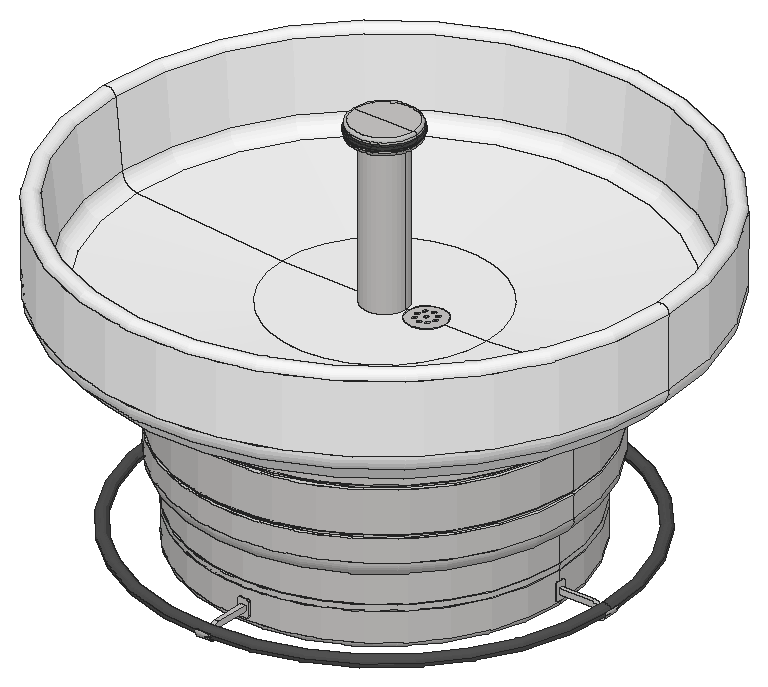
Revit family "Washfountain_Lavatory-Bradley_Corp-WF2608-Type_A_Drain", category Plumbing Fixtures, Revit 2012 (continued)
Automatic sketch dimensions
  Split face 2 sketch curve to Extrusion 14 = 0.56845"
  Split face 2 sketch curve to Split face 2 sketch curve = 0.750"
  Split face 2 sketch curve to Extrusion 14 = 1.500"  (x2)
  Split face 3 sketch curve to Extrusion 15 = 0.56851"
  Split face 3 sketch curve to Split face 3 sketch curve = 0.750"
  Split face 3 sketch curve to Extrusion 15 = 1.500"  (x2)
  curve 9 to plane 1 "Center (Front/Back)" = 0.000"
  curve 109 to plane 6 "Front" = 0.000"
  curve 132 to plane 7 "Back" = 0.000"
  curve 10 to plane 3 "Center (Left/Right)" = 0.000"
  plane 3 "Center (Left/Right)" to curve 105 = 0.06279"
  plane 3 "Center (Left/Right)" to curve 132 = 3.000"
  plane 3 "Center (Left/Right)" to curve 109 = 3.000"
  plane 3 "Center (Left/Right)" to curve 9 = 3.000"
  curve 105 to curve 9 = 2.60192"
  curve 104 to plane 3 "Center (Left/Right)" = 0.06259"
  curve 109 to plane 3 "Center (Left/Right)" = 3.000"
  curve 9 to plane 3 "Center (Left/Right)" = 3.000"
  curve 132 to plane 3 "Center (Left/Right)" = 3.000"
  curve 9 to curve 104 = 2.60167"
  curve 106 to plane 1 "Center (Front/Back)" = 3.20696"
  curve 10 to plane 1 "Center (Front/Back)" = 3.000"
  plane 1 "Center (Front/Back)" to curve 10 = 3.000"
  curve 10 to curve 104 = 3.38699"
  curve 104 to curve 105 = 0.00011"
  curve 134 to curve 132 = 0.000"
  curve 133 to curve 132 = 0.000"
  curve 141 to curve 132 = 2.50026"
  curve 139 to curve 132 = 0.29642"
  curve 139 to curve 132 = 1.00026"
  curve 138 to curve 132 = 0.25026"
  curve 141 to curve 132 = 1.37502"
  curve 132 to curve 140 = 1.000"
  curve 140 to curve 140 = 0.750"
  curve 132 to curve 133 = 2.500"
  curve 139 to curve 138 = 0.39109"
  curve 136 to curve 141 = 0.000"
  curve 132 to curve 135 = 14.62567"
  curve 135 to curve 133 = 0.68733"
  curve 135 to curve 134 = 0.68733"
  curve 108 to Extrusion 15 = 0.000"  (x3)
  curve 154 to Extrusion 15 = 2.60156"
  Extrusion 15 to curve 154 = 1.95703"
  curve 154 to curve 154 = 1.000"
  curve 107 to Extrusion 14 = 0.000"  (x3)
  Extrusion 14 to curve 156 = 1.95703"
  curve 156 to Extrusion 14 = 2.60156"
  curve 156 to curve 156 = 1.000"
  curve 157 to Extrusion 13 = 0.000"  (x3)
  curve 155 to Extrusion 13 = 2.60156"
  curve 155 to curve 155 = 1.000"
  Extrusion 13 to curve 155 = 1.95703"
  curve 160 to curve 132 = 0.54323"
  curve 132 to curve 160 = 3.97659"
  curve 132 to curve 160 = 4.97659"
  Masking region 29 sketch curve to plane 1 "Center (Front/Back)" = 0.000"
  Masking region 29 sketch curve to plane 3 "Center (Left/Right)" = 0.000"
  plane 3 "Center (Left/Right)" to Masking region 29 sketch curve = 0.06279"
  plane 3 "Center (Left/Right)" to Masking region 29 sketch curve = 3.52689"
  plane 3 "Center (Left/Right)" to Masking region 29 sketch curve = 5.50026"
  Masking region 29 sketch curve to plane 1 "Center (Front/Back)" = 3.13918"
  Masking region 29 sketch curve to Masking region 29 sketch curve = 0.06253"
  Masking region 29 sketch curve to plane 1 "Center (Front/Back)" = 1.13918"
  Masking region 29 sketch curve to Masking region 29 sketch curve = 3.4641"  (x2)
  Masking region 29 sketch curve to plane 3 "Center (Left/Right)" = 0.06259"
  Masking region 29 sketch curve to plane 3 "Center (Left/Right)" = 3.5267"
  Masking region 29 sketch curve to plane 3 "Center (Left/Right)" = 5.500"
  Masking region 29 sketch curve to plane 1 "Center (Front/Back)" = 3.13929"
  Masking region 29 sketch curve to Masking region 29 sketch curve = 0.06259"
  Masking region 29 sketch curve to plane 1 "Center (Front/Back)" = 1.13929"
  Masking region 29 sketch curve to Masking region 29 sketch curve = 0.06767"
  Masking region 29 sketch curve to Masking region 29 sketch curve = 0.06779"
  Masking region 29 sketch curve to Masking region 29 sketch curve = 4.000"
  Extrusion 16 sketch curve to plane 1 "Center (Front/Back)" = 0.000"
  Extrusion 16 sketch curve to plane 3 "Center (Left/Right)" = 0.000"
  curve 5 to Masking region 32 sketch curve = 1.000"
  curve 5 to Masking region 32 sketch curve = 3.500"
  Masking region 32 sketch curve to curve 5 = 1.000"
  Masking region 33 sketch curve to plane 10 "Sensor Module" = 3.500"
  Masking region 33 sketch curve to plane 1 "Center (Front/Back)" = 2.000"
  plane 1 "Center (Front/Back)" to Masking region 33 sketch curve = 2.000"
  Extrusion 17 sketch curve to plane 1 "Center (Front/Back)" = 0.000"
  Extrusion 17 sketch curve to plane 3 "Center (Left/Right)" = 0.000"
  Extrusion 18 sketch curve to Extrusion 18 sketch curve = 0.000"  (x3)
  Extrusion 18 sketch curve to plane 1 "Center (Front/Back)" = 0.000"
  Extrusion 18 sketch curve to plane 3 "Center (Left/Right)" = 0.000"
  plane 3 "Center (Left/Right)" to Extrusion 18 sketch curve = 0.06295"
  Extrusion 18 sketch curve to Extrusion 18 sketch curve = 2.000"
  Extrusion 18 sketch curve to Extrusion 18 sketch curve = 3.50026"
  Extrusion 18 sketch curve to Extrusion 18 sketch curve = 0.06243"
  Extrusion 18 sketch curve to plane 3 "Center (Left/Right)" = 0.06259"
  Extrusion 18 sketch curve to Extrusion 18 sketch curve = 3.500"
  Extrusion 18 sketch curve to Extrusion 18 sketch curve = 0.06259"
  Extrusion 18 sketch curve to plane 1 "Center (Front/Back)" = 3.13929"  (x2)
  Extrusion 18 sketch curve to Extrusion 18 sketch curve = 0.06767"
  plane 1 "Center (Front/Back)" to Extrusion 18 sketch curve = 6.38699"
  plane 3 "Center (Left/Right)" to Extrusion 19 sketch curve = 5.56269"
  Extrusion 19 sketch curve to Extrusion 19 sketch curve = 0.06243"
  plane 3 "Center (Left/Right)" to Extrusion 19 sketch curve = 0.06295"
  Extrusion 19 sketch curve to plane 3 "Center (Left/Right)" = 0.06259"
  Extrusion 19 sketch curve to plane 3 "Center (Left/Right)" = 5.500"
  Extrusion 19 sketch curve to Extrusion 19 sketch curve = 0.06259"
  Extrusion 19 sketch curve to plane 1 "Center (Front/Back)" = 3.20696"
  Extrusion 19 sketch curve to Extrusion 19 sketch curve = 0.06767"  (x2)
  plane 1 "Center (Front/Back)" to Extrusion 19 sketch curve = 6.38699"
  Extrusion 19 sketch curve to Extrusion 19 sketch curve = 0.000"
  Extrusion 19 sketch curve to plane 1 "Center (Front/Back)" = 0.000"
  Extrusion 19 sketch curve to plane 3 "Center (Left/Right)" = 0.000"
  Extrusion 19 sketch curve to Extrusion 19 sketch curve = 2.000"
  curve 96 to curve 5 = 1.5755"
  curve 5 to curve 95 = 0.56541"
  curve 96 to curve 95 = 0.07563"
  curve 5 to curve 97 = 1.000"
  curve 97 to curve 5 = 1.000"
  curve 5 to curve 95 = 1.49987"
  curve 95 to curve 96 = 0.0755"
  curve 96 to curve 95 = 1.44948"
  curve 97 to curve 5 = 2.84038"
  Sweep 20 sketch curve to profile plane = 0.000"
  profile plane to Sweep 20 sketch curve = 1.425"
  Extrusion 21 sketch curve to Extrusion 21 sketch curve = 0.000"  (x10)
  level to Extrusion 21 sketch curve = 1.57969"
  plane 4 "Left" to Extrusion 21 sketch curve = 5.42032"
  Extrusion 21 sketch curve to Extrusion 21 sketch curve = 0.04831"  (x2)
  Extrusion 21 sketch curve to Extrusion 21 sketch curve = 0.48307"  (x2)
  Extrusion 21 sketch curve to Extrusion 21 sketch curve = 0.48846"  (x2)
  Extrusion 21 sketch curve to Extrusion 21 sketch curve = 0.04885"  (x2)
  level to Extrusion 21 sketch curve = 1.55302"
  Extrusion 21 sketch curve to plane 5 "Right" = 6.58615"
  Extrusion 21 sketch curve to Extrusion 21 sketch curve = 0.02667"
  Extrusion 21 sketch curve to Extrusion 21 sketch curve = 0.01068"
  Extrusion 22 sketch curve to Extrusion 22 sketch curve = 0.000"  (x10)
  level to Extrusion 22 sketch curve = 1.57982"
  plane 6 "Front" to Extrusion 22 sketch curve = 5.42032"
  Extrusion 22 sketch curve to Extrusion 22 sketch curve = 0.04831"  (x2)
  Extrusion 22 sketch curve to Extrusion 22 sketch curve = 0.48307"  (x2)
  Extrusion 22 sketch curve to Extrusion 22 sketch curve = 0.48846"  (x2)
  Extrusion 22 sketch curve to Extrusion 22 sketch curve = 0.04885"  (x2)
  level to Extrusion 22 sketch curve = 1.55315"
  Extrusion 22 sketch curve to plane 7 "Back" = 6.58615"
  Extrusion 22 sketch curve to Extrusion 22 sketch curve = 0.03735"
  Extrusion 22 sketch curve to Extrusion 22 sketch curve = 0.01068"
  Extrusion 24 sketch curve to Extrusion 24 sketch curve = 0.000"  (x6)
  level to Extrusion 24 sketch curve = 0.82997"
  plane 6 "Front" to Extrusion 24 sketch curve = 5.99907"
  Extrusion 24 sketch curve to Extrusion 24 sketch curve = 0.19771"  (x2)
  Extrusion 24 sketch curve to Extrusion 24 sketch curve = 0.600"
  Extrusion 24 sketch curve to Extrusion 24 sketch curve = 0.45214"  (x2)
  Extrusion 24 sketch curve to Extrusion 24 sketch curve = 0.14125"  (x2)
  Extrusion 24 sketch curve to Extrusion 24 sketch curve = 3.19031"  (x2)
  level to Extrusion 24 sketch curve = 1.77219"
  Extrusion 24 sketch curve to plane 7 "Back" = 10.38277"
  level to Extrusion 24 sketch curve = 1.27219"
  Extrusion 24 sketch curve to Extrusion 24 sketch curve = 0.40229"
  Extrusion 24 sketch curve to Extrusion 24 sketch curve = 0.34334"
  Extrusion 23 sketch curve to Extrusion 23 sketch curve = 0.000"  (x6)
  level to Extrusion 23 sketch curve = 0.82503"  (x2)
  plane 4 "Left" to Extrusion 23 sketch curve = 6.000"
  Extrusion 23 sketch curve to Extrusion 23 sketch curve = 0.19771"  (x2)
  Extrusion 23 sketch curve to Extrusion 23 sketch curve = 0.600"
  Extrusion 23 sketch curve to Extrusion 23 sketch curve = 0.45214"  (x2)
  Extrusion 23 sketch curve to Extrusion 23 sketch curve = 0.14125"  (x2)
  Extrusion 23 sketch curve to Extrusion 23 sketch curve = 3.19031"  (x2)
  level to Extrusion 23 sketch curve = 1.26725"
  Extrusion 23 sketch curve to plane 5 "Right" = 10.3837"
  Extrusion 23 sketch curve to Extrusion 23 sketch curve = 0.40229"
  Extrusion 23 sketch curve to Extrusion 23 sketch curve = 0.34334"
  curve 161 to plane 1 "Center (Front/Back)" = 0.000"
  curve 161 to plane 3 "Center (Left/Right)" = 0.000"
  plane 1 "Center (Front/Back)" to Extrusion 25 sketch curve = 0.49499"
  plane 1 "Center (Front/Back)" to Extrusion 25 sketch curve = 0.24499"  (x2)
  plane 1 "Center (Front/Back)" to Extrusion 25 sketch curve = 0.23845"
  Extrusion 25 sketch curve to plane 1 "Center (Front/Back)" = 0.24214"
  Extrusion 25 sketch curve to plane 1 "Center (Front/Back)" = 0.25501"  (x2)
  Extrusion 25 sketch curve to Extrusion 25 sketch curve = 0.250"
  level to Extrusion 25 sketch curve = 0.70961"
  Extrusion 25 sketch curve to Extrusion 25 sketch curve = 0.2684"  (x2)
  Extrusion 25 sketch curve to Extrusion 25 sketch curve = 0.5882"
  Extrusion 28 sketch curve to plane 3 "Center (Left/Right)" = 0.49499"
  Extrusion 28 sketch curve to plane 3 "Center (Left/Right)" = 0.24499"  (x2)
  Extrusion 28 sketch curve to plane 3 "Center (Left/Right)" = 0.23845"
  plane 3 "Center (Left/Right)" to Extrusion 28 sketch curve = 0.24214"
  plane 3 "Center (Left/Right)" to Extrusion 28 sketch curve = 0.25501"  (x2)
  Extrusion 28 sketch curve to Extrusion 28 sketch curve = 0.250"
  level to Extrusion 28 sketch curve = 0.70961"
  Extrusion 28 sketch curve to Extrusion 28 sketch curve = 0.2684"  (x2)
  Extrusion 28 sketch curve to Extrusion 28 sketch curve = 0.5882"
  plane 1 "Center (Front/Back)" to Extrusion 26 sketch curve = 0.50501"
  plane 1 "Center (Front/Back)" to Extrusion 26 sketch curve = 0.25501"  (x2)
  plane 1 "Center (Front/Back)" to Extrusion 26 sketch curve = 0.24214"
  Extrusion 26 sketch curve to plane 1 "Center (Front/Back)" = 0.23845"
  Extrusion 26 sketch curve to plane 1 "Center (Front/Back)" = 0.24499"  (x2)
  Extrusion 26 sketch curve to Extrusion 26 sketch curve = 0.250"
  level to Extrusion 26 sketch curve = 0.70961"
  Extrusion 26 sketch curve to Extrusion 26 sketch curve = 0.2684"  (x2)
  Extrusion 26 sketch curve to Extrusion 26 sketch curve = 0.5882"
  Extrusion 27 sketch curve to plane 3 "Center (Left/Right)" = 0.50501"
  Extrusion 27 sketch curve to plane 3 "Center (Left/Right)" = 0.25501"  (x2)
  Extrusion 27 sketch curve to plane 3 "Center (Left/Right)" = 0.24214"
  plane 3 "Center (Left/Right)" to Extrusion 27 sketch curve = 0.23845"
  plane 3 "Center (Left/Right)" to Extrusion 27 sketch curve = 0.24499"  (x2)
  Extrusion 27 sketch curve to Extrusion 27 sketch curve = 0.250"
  level to Extrusion 27 sketch curve = 0.70961"
  Extrusion 27 sketch curve to Extrusion 27 sketch curve = 0.2684"  (x2)
  Extrusion 27 sketch curve to Extrusion 27 sketch curve = 0.5882"
  plane 4 "Left" to Masking region 34 sketch curve = 5.42032"
  Masking region 34 sketch curve to Masking region 34 sketch curve = 0.000"  (x4)
  Masking region 34 sketch curve to Masking region 34 sketch curve = 0.04831"  (x2)
  Masking region 34 sketch curve to Masking region 34 sketch curve = 0.04873"  (x2)
  Masking region 34 sketch curve to Masking region 34 sketch curve = 0.48264"  (x2)
  Masking region 34 sketch curve to Masking region 34 sketch curve = 0.00088"
  Masking region 34 sketch curve to Masking region 34 sketch curve = 0.19771"  (x2)
  Masking region 34 sketch curve to Masking region 34 sketch curve = 0.69685"  (x2)
  Masking region 34 sketch curve to plane 3 "Center (Left/Right)" = 0.670"
  Masking region 34 sketch curve to Masking region 34 sketch curve = 0.16499"
  Masking region 34 sketch curve to Masking region 34 sketch curve = 0.20433"  (x2)
  Masking region 34 sketch curve to Masking region 34 sketch curve = 0.21066"  (x2)
  Masking region 34 sketch curve to plane 3 "Center (Left/Right)" = 0.25501"
  plane 3 "Center (Left/Right)" to Masking region 34 sketch curve = 0.25501"  (x2)
  Masking region 34 sketch curve to Masking region 34 sketch curve = 0.250"
  level to Masking region 34 sketch curve = 0.925"
  Masking region 34 sketch curve to plane 5 "Right" = 6.69772"
  Masking region 34 sketch curve to Masking region 34 sketch curve = 0.50002"
  level to Masking region 34 sketch curve = 0.825"
  Masking region 34 sketch curve to Masking region 34 sketch curve = 0.10013"  (x2)
  Masking region 34 sketch curve to Masking region 34 sketch curve = 0.50506"
  Masking region 34 sketch curve to Masking region 34 sketch curve = 0.00013"  (x2)
  Masking region 34 sketch curve to Masking region 34 sketch curve = 1.000"
  Masking region 34 sketch curve to Masking region 34 sketch curve = 0.15961"
  Masking region 34 sketch curve to Masking region 34 sketch curve = 0.11539"  (x2)
  level to Masking region 34 sketch curve = 0.82487"
  level to Masking region 35 sketch curve = 1.57955"
  plane 6 "Front" to Masking region 35 sketch curve = 5.42032"
  Masking region 35 sketch curve to Masking region 35 sketch curve = 0.000"  (x4)
  Masking region 35 sketch curve to Masking region 35 sketch curve = 0.04831"  (x2)
  Masking region 35 sketch curve to Masking region 35 sketch curve = 0.04873"  (x2)
  Masking region 35 sketch curve to Masking region 35 sketch curve = 0.48264"  (x2)
  Masking region 35 sketch curve to Masking region 35 sketch curve = 0.00088"
  Masking region 35 sketch curve to Masking region 35 sketch curve = 0.19771"  (x2)
  Masking region 35 sketch curve to Masking region 35 sketch curve = 0.69685"  (x2)
  plane 1 "Center (Front/Back)" to Masking region 35 sketch curve = 0.670"
  plane 1 "Center (Front/Back)" to Masking region 35 sketch curve = 0.50501"
  Masking region 35 sketch curve to Masking region 35 sketch curve = 0.20433"  (x2)
  Masking region 35 sketch curve to Masking region 35 sketch curve = 0.21066"  (x2)
  Masking region 35 sketch curve to Masking region 35 sketch curve = 0.250"  (x2)
  Masking region 35 sketch curve to plane 1 "Center (Front/Back)" = 0.25501"  (x2)
  level to Masking region 35 sketch curve = 0.92487"  (x2)
  Masking region 35 sketch curve to plane 7 "Back" = 6.69772"
  Masking region 35 sketch curve to Masking region 35 sketch curve = 0.50002"
  Masking region 35 sketch curve to Masking region 35 sketch curve = 0.100"  (x2)
  Masking region 35 sketch curve to Masking region 35 sketch curve = 0.10013"  (x2)
  Masking region 35 sketch curve to Masking region 35 sketch curve = 0.11539"
  Masking region 35 sketch curve to Masking region 35 sketch curve = 0.50506"
  Masking region 35 sketch curve to Masking region 35 sketch curve = 0.00013"  (x2)
  Masking region 35 sketch curve to Masking region 35 sketch curve = 0.15961"
  curve 57 to curve 11 = 14.96307"
  curve 56 to curve 57 = 0.000"
  curve 53 to curve 56 = 0.000"
  curve 60 to curve 57 = 0.000"
  curve 53 to curve 42 = 0.00024"
  curve 57 to curve 47 = 0.00024"
  curve 51 to curve 47 = 0.000"
  curve 46 to curve 42 = 0.000"
  curve 46 to curve 45 = 0.09798"  (x2)
  curve 51 to curve 50 = 0.09798"  (x2)
  curve 43 to curve 45 = 0.000"
  curve 44 to curve 43 = 0.000"  (x2)
  curve 49 to curve 50 = 0.000"
  curve 48 to curve 49 = 0.000"
  curve 53 to curve 54 = 0.125"
  curve 60 to curve 59 = 0.125"  (x2)
  curve 68 to curve 54 = 0.000"
  curve 67 to curve 59 = 0.000"  (x2)
  curve 55 to curve 68 = 0.000"  (x2)
  curve 58 to curve 67 = 0.000"  (x2)
  curve 60 to curve 66 = 1.29784"
  curve 64 to curve 66 = 0.000"
  curve 65 to curve 64 = 0.000"
  curve 66 to curve 63 = 0.048"
  curve 64 to curve 62 = 0.048"
  curve 59 to curve 52 = 1.22108"
  curve 11 to curve 62 = 13.61537"
  curve 61 to curve 62 = 0.000"
  curve 63 to curve 62 = 0.000"
  curve 62 to curve 65 = 0.048"
  curve 63 to curve 66 = 0.048"
  curve 62 to curve 64 = 0.048"
  curve 52 to curve 59 = 1.2206"
  curve 68 to curve 67 = 0.000"
  curve 54 to curve 68 = 0.000"
  curve 58 to curve 50 = 0.02726"
  curve 54 to curve 43 = 0.02726"
  curve 48 to curve 50 = 0.000"
  curve 45 to curve 44 = 0.000"
  curve 49 to curve 48 = 0.000"
  curve 54 to curve 53 = 0.125"  (x2)
  curve 58 to curve 57 = 0.125"  (x2)
  curve 59 to curve 60 = 0.125"
  curve 55 to curve 56 = 0.125"
  curve 50 to curve 51 = 0.09798"
  curve 43 to curve 42 = 0.09798"  (x2)
  curve 45 to curve 46 = 0.09798"
  curve 48 to curve 47 = 0.09798"  (x2)
  curve 63 to curve 11 = 15.8195"
  curve 63 to curve 66 = 0.06365"
  curve 66 to curve 65 = 0.24885"
  curve 65 to curve 64 = 0.24885"
  curve 64 to curve 62 = 0.06365"
  curve 62 to curve 61 = 2.70246"
  curve 52 to curve 60 = 0.84847"
  curve 59 to curve 67 = 0.0625"
  curve 67 to curve 58 = 0.0625"
  curve 57 to curve 51 = 1.55669"
  curve 50 to curve 49 = 0.04899"
  curve 49 to curve 48 = 0.04899"
  curve 47 to curve 56 = 1.96186"
  curve 56 to curve 55 = 0.125"
  curve 55 to curve 68 = 0.0625"
  curve 68 to curve 54 = 0.0625"
  curve 53 to curve 46 = 0.65162"
  curve 45 to curve 44 = 0.04899"
  curve 44 to curve 43 = 0.04899"
  curve 12 to curve 25 = 4.37498"
  curve 25 to curve 12 = 14.96214"
  curve 28 to curve 25 = 0.000"
  curve 30 to curve 28 = 0.000"
  curve 14 to curve 25 = 0.000"
  curve 33 to curve 30 = 0.000"
  curve 22 to curve 30 = 0.000"
  curve 17 to curve 14 = 0.000"
  curve 19 to curve 22 = 0.000"
  curve 17 to curve 13 = 0.09798"
  curve 22 to curve 18 = 0.09798"
  curve 15 to curve 13 = 0.000"
  curve 20 to curve 18 = 0.000"  (x2)
  curve 16 to curve 13 = 0.000"
  curve 21 to curve 18 = 0.000"
  curve 33 to curve 34 = 0.125"
  curve 25 to curve 26 = 0.125"
  curve 27 to curve 26 = 0.000"
  curve 32 to curve 34 = 0.000"
  curve 29 to curve 27 = 0.000"
  curve 31 to curve 34 = 0.000"  (x2)
  curve 33 to curve 37 = 1.29784"
  curve 38 to curve 37 = 0.000"
  curve 40 to curve 38 = 0.000"
  curve 32 to curve 24 = 1.22084"
  curve 37 to curve 36 = 0.048"
  curve 40 to curve 39 = 0.048"
  curve 39 to curve 36 = 0.000"
  curve 39 to curve 40 = 0.048"
  curve 36 to curve 37 = 0.048"
  curve 38 to curve 40 = 0.000"
  curve 24 to curve 29 = 1.22084"
  curve 24 to curve 32 = 1.22084"
  curve 26 to curve 29 = 0.000"
  curve 34 to curve 32 = 0.000"
  curve 27 to curve 29 = 0.000"
  curve 31 to curve 21 = 0.02702"
  curve 18 to curve 21 = 0.000"
  curve 26 to curve 16 = 0.02702"
  curve 15 to curve 16 = 0.000"
  curve 13 to curve 16 = 0.000"
  curve 16 to curve 17 = 0.09798"
  curve 21 to curve 22 = 0.09798"
  curve 32 to curve 33 = 0.125"
  curve 15 to curve 14 = 0.09798"  (x2)
  curve 31 to curve 30 = 0.125"  (x2)
  curve 27 to curve 28 = 0.125"
  curve 26 to curve 25 = 0.125"  (x2)
  curve 20 to curve 19 = 0.09798"  (x2)
  curve 29 to curve 26 = 0.0625"
  curve 27 to curve 29 = 0.0625"
  curve 28 to curve 27 = 0.125"
  curve 19 to curve 28 = 1.96186"
  curve 18 to curve 20 = 0.04899"
  curve 21 to curve 18 = 0.04899"
  curve 22 to curve 21 = 0.09798"
  curve 30 to curve 22 = 1.55669"
  curve 34 to curve 31 = 0.0625"
  curve 32 to curve 34 = 0.0625"
  curve 33 to curve 32 = 0.125"
  curve 24 to curve 32 = 0.97347"
  curve 36 to curve 35 = 2.70246"
  curve 37 to curve 36 = 0.06365"
  curve 38 to curve 37 = 0.24885"
  curve 40 to curve 38 = 0.24885"
  curve 39 to curve 40 = 0.06365"
  curve 25 to curve 17 = 0.65162"
  curve 17 to curve 16 = 0.09798"
  curve 16 to curve 13 = 0.04899"
  curve 13 to curve 15 = 0.04899"
  plane 4 "Left" to Masking region 36 sketch curve = 6.000"
  level to Masking region 36 sketch curve = 1.925"
  Masking region 36 sketch curve to plane 5 "Right" = 6.000"
  Masking region 36 sketch curve to Masking region 36 sketch curve = 0.500"
  plane 6 "Front" to Masking region 37 sketch curve = 6.000"
  Masking region 37 sketch curve to plane 7 "Back" = 6.000"
  Masking region 37 sketch curve to Masking region 37 sketch curve = 0.500"
  level to Masking region 37 sketch curve = 0.92487"
  Revolve 5 sketch curve to curve 12 = 0.000"
  Revolve 5 sketch curve to curve 12 = 13.22437"
  Revolve 5 sketch curve to Revolve 5 sketch curve = 0.39193"  (x2)
  Revolve 5 sketch curve to Revolve 5 sketch curve = 0.048"
  curve 12 to Revolve 5 sketch curve = 3.52739"
  Revolve 5 sketch curve to Revolve 5 sketch curve = 1.24786"  (x2)
  curve 12 to Revolve 5 sketch curve = 6.80982"
  Revolve 5 sketch curve to Revolve 5 sketch curve = 1.34584"
  curve 12 to Revolve 5 sketch curve = 6.71184"
  Revolve 5 sketch curve to Revolve 5 sketch curve = 0.09798"  (x6)
  curve 12 to Revolve 5 sketch curve = 3.000"
  Revolve 5 sketch curve to Revolve 5 sketch curve = 1.43431"
  Revolve 5 sketch curve to Revolve 5 sketch curve = 1.40855"
  Revolve 5 sketch curve to Revolve 5 sketch curve = 0.06365"  (x2)
  Revolve 5 sketch curve to Revolve 5 sketch curve = 0.4977"
  Revolve 5 sketch curve to Revolve 5 sketch curve = 2.78857"
  Revolve 5 sketch curve to curve 12 = 18.69893"
  Revolve 5 sketch curve to Revolve 5 sketch curve = 0.19597"
  curve 12 to Revolve 5 sketch curve = 3.05107"
  Masking region 6 sketch curve to curve 12 = 0.000"
  Masking region 6 sketch curve to curve 12 = 14.96214"
  Masking region 6 sketch curve to Masking region 6 sketch curve = 0.000"  (x2)
  curve 12 to Masking region 6 sketch curve = 3.72336"
  Masking region 6 sketch curve to Masking region 6 sketch curve = 0.09798"  (x14)
  curve 12 to Masking region 6 sketch curve = 3.62537"  (x2)
  Masking region 6 sketch curve to Masking region 6 sketch curve = 1.29784"
  Masking region 6 sketch curve to Masking region 6 sketch curve = 0.048"  (x3)
  Masking region 6 sketch curve to Masking region 6 sketch curve = 0.39193"  (x3)
  curve 12 to Masking region 6 sketch curve = 13.22437"
  Masking region 6 sketch curve to Masking region 6 sketch curve = 1.24786"  (x2)
  curve 12 to Masking region 6 sketch curve = 6.90781"
  Masking region 6 sketch curve to Masking region 6 sketch curve = 1.34584"
  curve 12 to Masking region 6 sketch curve = 6.71184"
  Masking region 6 sketch curve to Masking region 6 sketch curve = 3.18445"
  Masking region 6 sketch curve to Masking region 6 sketch curve = 1.43431"  (x2)
  Masking region 6 sketch curve to Masking region 6 sketch curve = 1.40855"  (x2)
  Masking region 6 sketch curve to Masking region 6 sketch curve = 0.06365"  (x4)
  Masking region 6 sketch curve to Masking region 6 sketch curve = 0.4977"  (x2)
  Masking region 6 sketch curve to Masking region 6 sketch curve = 2.78857"
  curve 23 to curve 24 = 0.03763"
  curve 23 to curve 35 = 0.03763"
  curve 12 to curve 35 = 13.6163"
  curve 24 to curve 35 = 0.000"
  curve 39 to curve 35 = 0.000"
  curve 35 to curve 23 = 0.03763"
  curve 23 to curve 24 = 2.36946"
  curve 35 to curve 23 = 0.33663"
  curve 189 to curve 1 = 13.6643"
  curve 188 to curve 189 = 0.000"
  curve 189 to curve 190 = 0.048"
  curve 188 to curve 187 = 0.048"
  curve 1 to curve 187 = 13.6163"
  curve 190 to curve 187 = 0.000"
  curve 190 to curve 189 = 0.048"
  curve 187 to curve 188 = 0.048"
  curve 187 to curve 1 = 21.4445"
  curve 188 to curve 187 = 0.06365"
  curve 189 to curve 188 = 0.4977"
  curve 190 to curve 189 = 0.06365"
  curve 191 to curve 189 = 0.000"
  curve 191 to curve 188 = 0.000"
  curve 189 to curve 191 = 0.24885"
  plane 1 "Center (Front/Back)" to Masking region 38 sketch curve = 2.000"
  Masking region 38 sketch curve to plane 1 "Center (Front/Back)" = 2.000"
  Masking region 38 sketch curve to plane 9 "Soap Dispenser" = 8.500"
  Masking region 12 sketch curve to curve 11 = 0.000"
  Masking region 12 sketch curve to curve 11 = 14.96283"
  Masking region 12 sketch curve to Masking region 12 sketch curve = 0.000"  (x3)
  curve 11 to Masking region 12 sketch curve = 3.72336"
  Masking region 12 sketch curve to Masking region 12 sketch curve = 0.09798"  (x14)
  curve 11 to Masking region 12 sketch curve = 3.62537"
  Masking region 12 sketch curve to Masking region 12 sketch curve = 1.2976"
  Masking region 12 sketch curve to Masking region 12 sketch curve = 0.04824"  (x2)
  Masking region 12 sketch curve to Masking region 12 sketch curve = 0.39193"  (x2)
  curve 11 to Masking region 12 sketch curve = 13.22368"
  Masking region 12 sketch curve to Masking region 12 sketch curve = 0.04962"
  curve 11 to Masking region 12 sketch curve = 3.52739"
  Masking region 12 sketch curve to Masking region 12 sketch curve = 1.24786"  (x2)
  curve 11 to Masking region 12 sketch curve = 6.90781"
  Masking region 12 sketch curve to Masking region 12 sketch curve = 1.34584"
  Masking region 12 sketch curve to Masking region 12 sketch curve = 3.28243"
  Masking region 12 sketch curve to Masking region 12 sketch curve = 1.43431"  (x2)
  Masking region 12 sketch curve to Masking region 12 sketch curve = 0.06397"  (x4)
  Masking region 12 sketch curve to Masking region 12 sketch curve = 0.49706"  (x2)
  Masking region 12 sketch curve to Masking region 12 sketch curve = 2.78857"
  Masking region 12 sketch curve to Masking region 12 sketch curve = 0.19597"
  Masking region 12 sketch curve to Masking region 12 sketch curve = 1.40855"  (x2)
  curve 200 to curve 196 = 0.000"
  curve 198 to curve 199 = 0.04824"
  curve 196 to curve 197 = 0.04824"
  curve 197 to curve 199 = 0.000"
  curve 197 to curve 200 = 0.04962"
  curve 199 to curve 198 = 0.04962"
  curve 197 to curve 196 = 0.04962"
  curve 199 to curve 198 = 0.06397"
  curve 198 to curve 200 = 0.24853"
  curve 200 to curve 196 = 0.24853"
  curve 196 to curve 197 = 0.06397"
  curve 198 to curve 52 = 0.04824"
  curve 196 to curve 198 = 0.000"
  curve 61 to curve 199 = 0.00024"  (x2)
  curve 52 to curve 197 = 0.000"
  curve 61 to curve 199 = 0.67254"
  curve 197 to curve 52 = 1.40855"
  Masking region 30 sketch curve to curve 9 = 0.000"  (x2)
  Masking region 30 sketch curve to curve 9 = 6.02676"
  Masking region 30 sketch curve to Masking region 30 sketch curve = 1.94856"
  Masking region 30 sketch curve to curve 9 = 2.56266"
  curve 9 to Masking region 30 sketch curve = 1.000"  (x2)
  Masking region 30 sketch curve to curve 9 = 1.000"  (x2)
  curve 9 to Masking region 30 sketch curve = 2.56273"
  curve 9 to Masking region 30 sketch curve = 4.0783"
  Masking region 30 sketch curve to Masking region 30 sketch curve = 3.46415"
  Masking region 30 sketch curve to curve 9 = 1.37502"  (x2)
  curve 9 to Masking region 30 sketch curve = 14.62567"  (x2)
  curve 9 to Masking region 30 sketch curve = 15.313"  (x2)
  Masking region 30 sketch curve to Masking region 30 sketch curve = 1.000"
  curve 192 to curve 109 = 0.000"
  curve 131 to curve 109 = 6.02688"
  curve 111 to curve 109 = 1.37502"
  curve 111 to curve 109 = 6.02688"
  curve 122 to curve 130 = 1.06133"
  curve 130 to curve 127 = 0.10866"
  curve 130 to curve 130 = 0.55423"  (x2)
  curve 130 to curve 109 = 0.29645"
  curve 129 to curve 111 = 0.4715"
  curve 159 to curve 109 = 1.50547"
  curve 127 to curve 111 = 0.32995"
  curve 128 to curve 109 = 0.30272"
  curve 109 to curve 128 = 0.2515"
  curve 129 to curve 128 = 0.10866"
  curve 109 to curve 193 = 1.000"
  curve 128 to curve 192 = 0.63984"
  curve 192 to curve 120 = 0.42158"
  curve 193 to curve 113 = 1.93715"
  curve 117 to curve 118 = 0.12538"
  curve 119 to curve 109 = 1.42193"
  curve 119 to curve 192 = 0.42193"
  curve 193 to curve 109 = 1.000"
  curve 125 to curve 109 = 0.25187"
  curve 109 to curve 126 = 0.30235"
  curve 109 to curve 110 = 0.52663"
  curve 110 to curve 126 = 0.32994"
  curve 126 to curve 126 = 0.10867"
  curve 109 to curve 110 = 3.2767"
  curve 124 to curve 109 = 0.33668"
  curve 110 to curve 124 = 0.3629"
  curve 124 to curve 124 = 0.10867"
  curve 124 to curve 124 = 0.55422"  (x2)
  curve 158 to curve 121 = 0.97852"
  curve 112 to curve 114 = 5.50013"
  curve 111 to curve 109 = 10.37498"
  curve 110 to curve 109 = 10.37498"
  curve 124 to curve 124 = 0.04026"
  curve 129 to curve 128 = 0.04026"
  curve 124 to curve 110 = 1.03834"
  curve 109 to curve 159 = 3.97659"
  curve 121 to curve 158 = 2.60156"
  curve 159 to curve 159 = 1.000"
  curve 158 to curve 158 = 1.000"
  curve 109 to curve 115 = 14.62567"
  curve 109 to curve 116 = 14.62567"
  curve 109 to curve 117 = 15.313"
  Masking region 31 sketch curve to curve 10 = 0.000"
  Masking region 31 sketch curve to curve 10 = 1.37502"  (x2)
  Masking region 31 sketch curve to curve 10 = 4.20696"
  Masking region 31 sketch curve to curve 10 = 1.95696"
  Masking region 31 sketch curve to curve 10 = 0.20696"
  Masking region 31 sketch curve to curve 10 = 1.000"
  curve 10 to Masking region 31 sketch curve = 3.3871"
  curve 10 to Masking region 31 sketch curve = 4.2621"
  Masking region 31 sketch curve to Masking region 31 sketch curve = 2.000"
  curve 10 to Masking region 31 sketch curve = 14.62567"  (x2)
  Masking region 31 sketch curve to Masking region 31 sketch curve = 0.68733"
  curve 10 to Masking region 31 sketch curve = 15.313"
  curve 10 to Masking region 31 sketch curve = 1.000"
  curve 10 to Masking region 31 sketch curve = 16.313"
  Extrusion 29 sketch curve to plane 1 "Center (Front/Back)" = 0.000"
  plane 3 "Center (Left/Right)" to Extrusion 29 sketch curve = 4.000"
  Extrusion 30 sketch curve to Extrusion 30 sketch curve = 0.000"  (x6)
  Extrusion 30 sketch curve to plane 5 "Right" = 21.250"
  Extrusion 30 sketch curve to Extrusion 30 sketch curve = 0.87229"
  Extrusion 30 sketch curve to Extrusion 30 sketch curve = 0.25708"  (x6)
  Extrusion 30 sketch curve to Extrusion 30 sketch curve = 0.62063"  (x9)
  Extrusion 30 sketch curve to plane 1 "Center (Front/Back)" = 0.87771"
  Extrusion 30 sketch curve to Extrusion 30 sketch curve = 0.87771"
  curve 202 to curve 203 = 0.000"  (x2)
  curve 202 to curve 204 = 0.000"  (x3)
  curve 203 to curve 204 = 0.000"  (x2)
  curve 213 to curve 214 = 0.000"  (x4)
  curve 207 to plane 1 "Center (Front/Back)" = 0.000"
  curve 203 to plane 1 "Center (Front/Back)" = 0.000"
  curve 211 to plane 1 "Center (Front/Back)" = 0.000"
  curve 210 to curve 211 = 0.25708"
  curve 212 to curve 211 = 0.25708"
  curve 204 to curve 212 = 0.62063"
  curve 209 to curve 210 = 0.62063"
  curve 205 to curve 212 = 0.62063"
  curve 206 to curve 205 = 0.62063"
  curve 208 to curve 209 = 0.62063"
  curve 207 to curve 206 = 0.25708"
  curve 206 to plane 1 "Center (Front/Back)" = 0.62063"
  curve 212 to plane 1 "Center (Front/Back)" = 0.62063"
  curve 205 to curve 212 = 0.25708"
  plane 1 "Center (Front/Back)" to curve 208 = 0.62063"
  plane 1 "Center (Front/Back)" to curve 210 = 0.62063"
  curve 210 to curve 209 = 0.25708"
  curve 214 to plane 1 "Center (Front/Back)" = 0.000"
  curve 214 to plane 3 "Center (Left/Right)" = 0.000"
  curve 211 to curve 213 = 3.12229"
  Revolve 2 sketch curve to curve 1 = 0.000"
  Revolve 2 sketch curve to Revolve 2 sketch curve = 1.42117"
  Revolve 2 sketch curve to curve 1 = 4.500"
  Revolve 2 sketch curve to Revolve 2 sketch curve = 2.76282"
  Revolve 2 sketch curve to curve 1 = 9.000"
  Revolve 2 sketch curve to Revolve 2 sketch curve = 2.29848"
  Revolve 2 sketch curve to curve 1 = 5.26282"
  curve 1 to Revolve 1 sketch curve = 1.000"
  curve 1 to Revolve 1 sketch curve = 6.56499"
  Revolve 1 sketch curve to Revolve 1 sketch curve = 13.61753"
  Revolve 1 sketch curve to Revolve 1 sketch curve = 0.10911"
  Revolve 1 sketch curve to Revolve 1 sketch curve = 1.211"
  curve 1 to Revolve 1 sketch curve = 6.70941"
  Revolve 1 sketch curve to Revolve 1 sketch curve = 1.52295"
  Revolve 1 sketch curve to Revolve 1 sketch curve = 0.10952"
  Revolve 1 sketch curve to Revolve 1 sketch curve = 0.6259"
  curve 1 to Revolve 1 sketch curve = 0.59407"
  Revolve 1 sketch curve to Revolve 1 sketch curve = 0.73361"
  curve 1 to Revolve 1 sketch curve = 8.52343"
  Revolve 1 sketch curve to Revolve 1 sketch curve = 1.41421"
  Revolve 1 sketch curve to Revolve 1 sketch curve = 0.58579"
  Revolve 1 sketch curve to Revolve 1 sketch curve = 0.750"
  Revolve 1 sketch curve to curve 1 = 13.24041"
  Revolve 1 sketch curve to Revolve 1 sketch curve = 1.250"
  Revolve 1 sketch curve to Revolve 1 sketch curve = 0.000"
  curve 1 to Revolve 1 sketch curve = 3.75959"
  Revolve 1 sketch curve to curve 1 = 6.750"
  Revolve 1 sketch curve to Revolve 1 sketch curve = 2.15912"
  Masking region 1 sketch curve to curve 1 = 0.000"
  curve 1 to Masking region 1 sketch curve = 10.250"
  Masking region 1 sketch curve to curve 1 = 24.000"
  Masking region 2 sketch curve to curve 1 = 0.000"
  curve 1 to Masking region 2 sketch curve = 0.750"
  Masking region 2 sketch curve to curve 1 = 24.000"
  Masking region 2 sketch curve to Masking region 2 sketch curve = 0.000"  (x3)
  Masking region 2 sketch curve to Masking region 2 sketch curve = 0.58579"  (x2)
  Masking region 2 sketch curve to Masking region 2 sketch curve = 1.41421"  (x2)
  Masking region 2 sketch curve to Masking region 2 sketch curve = 1.72657"  (x3)
  curve 1 to Masking region 2 sketch curve = 21.68765"
  curve 1 to Masking region 2 sketch curve = 23.250"
  Masking region 2 sketch curve to curve 1 = 0.750"
  Masking region 2 sketch curve to Masking region 2 sketch curve = 2.000"
  curve 2 to Masking region 8 sketch curve = 7.10922"
  Masking region 8 sketch curve to curve 2 = 24.000"
  Masking region 8 sketch curve to Masking region 8 sketch curve = 0.000"  (x2)
  Masking region 8 sketch curve to Masking region 8 sketch curve = 0.58579"  (x2)
  Masking region 8 sketch curve to Masking region 8 sketch curve = 0.750"  (x2)
  Masking region 8 sketch curve to Masking region 8 sketch curve = 1.41421"  (x2)
  Masking region 8 sketch curve to Masking region 8 sketch curve = 1.72657"  (x2)
  curve 2 to Masking region 8 sketch curve = 21.68765"
  curve 2 to Masking region 8 sketch curve = 22.000"
  curve 2 to Masking region 8 sketch curve = 23.250"
  Masking region 8 sketch curve to curve 2 = 0.000"
  Masking region 8 sketch curve to curve 2 = 7.10922"
  Masking region 7 sketch curve to curve 2 = 0.000"
  Extrusion 31 sketch curve to plane 3 "Center (Left/Right)" = 1.000"
  plane 3 "Center (Left/Right)" to Extrusion 31 sketch curve = 1.000"
  Extrusion 31 sketch curve to plane 1 "Center (Front/Back)" = 4.500"
  Extrusion 31 sketch curve to Extrusion 31 sketch curve = 1.000"
  curve 168 to curve 169 = 0.000"  (x2)
  curve 171 to curve 172 = 0.000"  (x2)
  level to curve 168 = 1.55388"
  plane 4 "Left" to curve 168 = 5.51693"
  curve 168 to curve 169 = 0.48307"
  curve 168 to curve 169 = 0.00088"
  curve 169 to curve 170 = 0.01056"
  curve 168 to curve 169 = 0.32043"
  curve 169 to curve 170 = 0.36586"
  curve 163 to plane 3 "Center (Left/Right)" = 0.670"
  curve 163 to curve 167 = 0.16499"
  curve 163 to curve 166 = 0.20433"
  plane 3 "Center (Left/Right)" to curve 166 = 0.46567"
  plane 3 "Center (Left/Right)" to curve 167 = 0.50501"
  curve 167 to curve 165 = 0.16499"
  level to curve 173 = 0.925"
  curve 173 to plane 5 "Right" = 6.69772"
  curve 173 to curve 172 = 0.36586"
  curve 172 to curve 173 = 0.32043"
  curve 173 to curve 172 = 0.01056"
  curve 171 to curve 171 = 0.01143"
  curve 171 to curve 171 = 0.48307"
  curve 172 to curve 173 = 0.10013"
  level to curve 169 = 0.82487"
  level to curve 166 = 0.825"
  curve 166 to curve 165 = 0.100"
  curve 166 to curve 163 = 0.100"
  curve 163 to curve 163 = 0.69191"
  curve 164 to curve 167 = 0.30809"
  Revolve 33 sketch curve to Revolve 33 sketch curve = 0.000"
  Revolve 33 sketch curve to curve 7 = 3.1566"
  Revolve 33 sketch curve to Revolve 33 sketch curve = 0.06932"
  Revolve 33 sketch curve to Revolve 33 sketch curve = 1.43915"
  Revolve 33 sketch curve to curve 7 = 1.31085"
  curve 174 to curve 176 = 0.000"  (x2)
  curve 178 to curve 180 = 0.000"  (x2)
  level to curve 178 = 1.55401"
  plane 6 "Front" to curve 178 = 5.51693"
  curve 178 to curve 178 = 0.4784"
  curve 178 to curve 180 = 0.48307"
  curve 178 to curve 180 = 0.01118"
  curve 180 to curve 181 = 0.32264"
  curve 178 to curve 179 = 0.48846"
  curve 179 to curve 179 = 0.04885"  (x2)
  curve 180 to curve 179 = 0.000"
  curve 181 to curve 181 = 0.36541"
  plane 1 "Center (Front/Back)" to curve 182 = 0.670"
  curve 182 to curve 185 = 0.16499"
  curve 182 to curve 186 = 0.20433"
  curve 186 to plane 1 "Center (Front/Back)" = 0.46567"
  curve 185 to plane 1 "Center (Front/Back)" = 0.50501"
  curve 186 to curve 184 = 0.20433"
  level to curve 177 = 0.92644"
  curve 177 to plane 7 "Back" = 6.69623"
  curve 177 to curve 176 = 0.11007"
  curve 175 to curve 176 = 0.000"
  curve 175 to curve 175 = 0.04885"  (x2)
  curve 177 to curve 177 = 0.36241"
  curve 175 to curve 176 = 0.48846"
  curve 177 to curve 176 = 0.3344"
  curve 174 to curve 174 = 0.009"
  curve 174 to curve 174 = 0.48307"
  level to curve 181 = 0.92644"
  curve 176 to curve 177 = 0.10144"
  level to curve 182 = 0.82487"
  level to curve 184 = 0.82487"
  curve 186 to curve 184 = 0.000"
  curve 182 to curve 183 = 0.79191"
  curve 182 to curve 185 = 0.30809"
  Masking region 39 sketch curve to curve 6 = 1.8649"
  curve 6 to Masking region 39 sketch curve = 1.8649"
  curve 6 to Masking region 39 sketch curve = 0.8649"  (x2)
  Masking region 40 sketch curve to curve 6 = 1.6149"  (x2)
  Masking region 40 sketch curve to Masking region 40 sketch curve = 0.500"  (x2)
  Masking region 11 sketch curve to curve 11 = 0.000"
  Masking region 11 sketch curve to curve 11 = 14.96093"
  Masking region 11 sketch curve to Masking region 11 sketch curve = 1.34584"  (x2)
  curve 11 to Masking region 11 sketch curve = 13.61752"
  curve 11 to Masking region 11 sketch curve = 9.78595"  (x2)
  Masking region 11 sketch curve to Masking region 11 sketch curve = 5.21405"
  Masking region 9 sketch curve to curve 11 = 0.000"
  Masking region 9 sketch curve to curve 11 = 14.96229"
  Masking region 9 sketch curve to Masking region 9 sketch curve = 1.34584"  (x2)
  curve 11 to Masking region 9 sketch curve = 13.61615"
  curve 11 to Masking region 9 sketch curve = 12.49204"  (x2)
  Masking region 9 sketch curve to Masking region 9 sketch curve = 6.50796"
  curve 216 to plane 1 "Center (Front/Back)" = 2.26403"
  curve 216 to curve 220 = 1.57816"
  curve 219 to curve 217 = 0.06253"
  plane 3 "Center (Left/Right)" to curve 216 = 1.57842"
  plane 3 "Center (Left/Right)" to curve 219 = 0.06279"
  curve 218 to plane 3 "Center (Left/Right)" = 0.06259"
  curve 215 to plane 3 "Center (Left/Right)" = 1.57807"
  curve 219 to curve 216 = 0.87514"  (x2)
  curve 217 to curve 219 = 1.81779"
  curve 218 to curve 219 = 0.00011"
  curve 218 to curve 215 = 0.87511"
  curve 217 to plane 3 "Center (Left/Right)" = 5.500"
  curve 217 to curve 218 = 0.06259"
  curve 215 to plane 1 "Center (Front/Back)" = 2.2644"
  curve 218 to curve 215 = 1.51561"
  curve 221 to curve 218 = 0.06259"
  curve 222 to curve 222 = 0.06253"
  curve 222 to plane 1 "Center (Front/Back)" = 3.20696"
  plane 3 "Center (Left/Right)" to curve 222 = 5.50026"
  curve 220 to curve 218 = 0.06767"
  plane 1 "Center (Front/Back)" to curve 218 = 6.38699"
  Revolve 2 sketch curve to Revolve 2 sketch curve = 2.25691"
  curve 1 to Masking region 1 sketch curve = 24.000"
  Masking region 7 sketch curve to curve 2 = 24.000"
  curve 2 to Masking region 7 sketch curve = 24.000"
  curve 142 to curve 10 = 0.000"
  curve 143 to curve 10 = 0.000"
  curve 147 to curve 10 = 0.000"
  curve 142 to curve 10 = 0.20696"
  curve 142 to curve 143 = 0.06756"
  curve 10 to curve 147 = 0.7356"
  curve 10 to curve 195 = 1.000"
  curve 195 to curve 146 = 0.8606"
  curve 145 to curve 151 = 0.01928"
  curve 151 to curve 152 = 0.39728"
  curve 151 to curve 151 = 0.31998"  (x2)
  curve 194 to curve 10 = 2.44456"
  curve 195 to curve 10 = 1.000"
  curve 10 to curve 149 = 0.62385"
  curve 152 to curve 10 = 0.29642"
  curve 152 to curve 148 = 2.18152"
  curve 152 to curve 153 = 0.31998"
  curve 153 to curve 150 = 0.31998"
  curve 150 to curve 153 = 0.39728"
  curve 10 to curve 146 = 5.3871"
  curve 149 to curve 10 = 10.37498"
  curve 151 to curve 151 = 0.17193"
  curve 10 to curve 149 = 1.37502"
  curve 10 to curve 194 = 3.97659"
  curve 194 to curve 194 = 1.000"
  curve 10 to curve 145 = 14.62567"
  curve 10 to curve 143 = 15.313"
  curve 142 to curve 143 = 0.000"
  curve 10 to curve 195 = 15.313"
  radius of Masking region 25 sketch curve = 27.000"
  radius of Masking region 26 sketch curve = 6.22592"
  radius of curve 101 = 4.17907"
  radius of Masking region 27 sketch curve = 4.57537"
  radius of curve 102 = 2.10282"
  radius of Masking region 28 sketch curve = 3.12875"
  radius of curve 103 = 2.000"
  radius of Masking region 29 sketch curve = 2.000"
  radius of Extrusion 16 sketch curve = 2.000"
  radius of Extrusion 17 sketch curve = 2.000"
  radius of Sweep 20 sketch curve = 0.500"
  radius of curve 161 = 21.000"
  radius of Extrusion 29 sketch curve = 1.750"
  radius of Extrusion 30 sketch curve = 0.1842"  (x9)
  radius of curve 201 to Extrusion 30 = 0.500"
  radius of curve 202 = 1.750"
  radius of curve 203 = 1.250"
  radius of curve 204 = 0.1842"
  radius of curve 205 = 0.1842"
  radius of curve 206 = 0.1842"
  radius of curve 207 = 0.1842"
  radius of curve 208 = 0.1842"
  radius of curve 209 = 0.1842"
  radius of curve 210 = 0.1842"
  radius of curve 211 = 0.1842"
  radius of curve 212 = 0.1842"
  radius of curve 213 = 25.000"
  radius of curve 214 = 20.500"
  radius of Extrusion 34 sketch curve = 0.500"
  radius of Extrusion 35 sketch curve = 0.500"
  radius of Extrusion 36 sketch curve = 0.250"
  radius of Extrusion 37 sketch curve = 0.250"
  radius of curve 223 to Extrusion 30 = 0.500"
Connectors (in)
  piping at (-7.625, 2.5, 0), driven by "Hot Lavatory Inlet Radius", driven by "HWFU"
    settings: on Extrusion 32, index 1, connector radius 1/2", flow factor 0, pipe flow 0.0 GPM, pressure drop 0.0 psi, fitting loss kfactor 0, connector angle 0.00°, fixture units 0, engagement length 0.000", flow configuration 3, flow direction 1, fitting loss method 0, system type 19, joint type 0, gender type 0, connector reference index -1, connector utility 0, adjustable connector no, is connector primary yes, fitting loss table "", connector description "Hot Lavatory Inlet"
  piping at (7.625, 2.5, 0), driven by "Cold Lavatory Inlet Radius", driven by "CWFU"
    settings: on Extrusion 32, index 2, connector radius 1/2", flow factor 0, pipe flow 0.0 GPM, pressure drop 0.0 psi, fitting loss kfactor 0, connector angle 0.00°, fixture units 0, engagement length 0.000", flow configuration 3, flow direction 1, fitting loss method 0, system type 20, joint type 0, gender type 0, connector reference index -1, connector utility 0, adjustable connector no, is connector primary no, fitting loss table "", connector description "Cold Lavatory Inlet"
  piping at (4, 0, 0), driven by "WFU", driven by "Drain Radius"
    settings: on Extrusion 31, index 3, connector radius 1", flow factor 0, pipe flow 0.0 GPM, pressure drop 0.0 psi, fitting loss kfactor 0, connector angle 0.00°, fixture units 0, engagement length 0.000", flow configuration 3, flow direction 2, fitting loss method 0, system type 16, joint type 0, gender type 0, connector reference index -1, connector utility 0, adjustable connector yes, is connector primary no, fitting loss table "", connector description "Drain"
  electrical at (0, 5, 0), driven by "Voltage"
    settings: on Extrusion 31, index 4, voltage 110 V, apparent load 0 VA, apparent load phase1 0 VA, apparent load phase2 0 VA, apparent load phase3 0 VA, power factor 1, load classification "Other", number of poles 1, system type 31, power factor state 1, is connector primary yes, connector utility no, sub classification motor no, connector description ""
Types (3): name | Towel Dispenser Height | Standard Height | Spray Head Height | Soap Dispenser Height | Sensor Module Height | Rim Height | Pedestal Height | Model ID | Juvenile Height
  (no name) | 52.500" | yes | 35.625" | 44.125" | 39.125" | 29.250" | 19.000" | 2 | no
  Standard | 52.500" | yes | 35.625" | 44.125" | 39.125" | 29.250" | 19.000" | 2 | no
  Juvenile | 48.500" | no | 31.625" | 40.125" | 35.125" | 25.250" | 15.000" | 1 | yes
